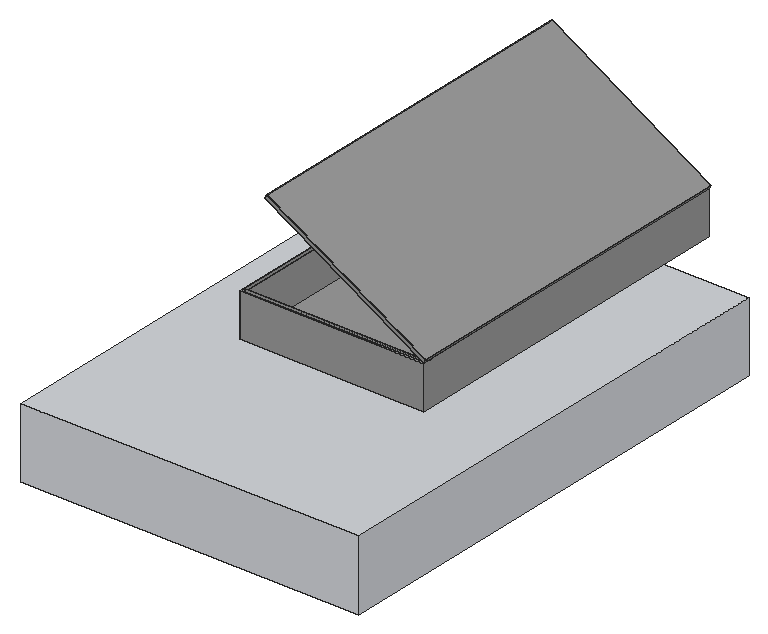
Revit family "Hager-Univers-IP44-D205-H1550-Cl.I-encl-PL-pl", category Equipement électrique, Revit 2020
Family settings
  Hôte = Face
  Configuration du panneau = Deux colonnes, circuits au sein
  Cote de connecteur circulaire = Utiliser le diamètre
  Type d'élément = Tableau de raccordement
  Couper avec des vides une fois chargée = Non
  Partagée = Non
  Point de calcul de pièce = Non
Parameters (values of type "Montaż natynkowy IP44 S800 W1550 G205  - FP03TN2")
  Width Control [instance] = if([EF000008 - Szerokość] > Min Width, [EF000008 - Szerokość], Min Width)  # 800 mm
  Commentaires du type = [HG000003 - Zakres]  # "Univers"
  Thickness Door [instance] = if([EF009171 - Drzwi/pokrywa z materiału o wysokiej wytrzymałości mechanicznej] > 3 mm, 3 mm, [EF009171 - Drzwi/pokrywa z materiału o wysokiej wytrzymałości mechanicznej])  # 1 mm
  Seal Frame Offset [instance] = 17 mm  # constant formula
  Plinth Visibility [instance] = [HG000027 - Wysokość cokołu] > 0 mm  # no
  Model = ""
  Min Width [instance] = 100 mm  # constant formula
  Min Height [instance] = 100 mm  # constant formula
  Min Depth [instance] = (2 * [EF009170 - Obudowa z materiału o wysokiej wytrzymałości mechanicznej]) + 1 mm  # 3 mm
  Internal Frame Depth [instance] = (Door System Depth * 0.5)  # 9 mm
  Height Control [instance] = if([EF000040 - Wysokość] > Min Height, [EF000040 - Wysokość], Min Height)  # 1550 mm
  HG000027 - Wysokość cokołu = 0 mm
  HG000026 - Stojąca = no
  HG000024 - Wysokość części dolnej = 800 mm
  HG000023 - Obudowa dwusekcyjna = no
  HG000016 - Widoczność drzwi w widoku 3D [instance] = yes
  HG000015 - Przestrzeń robocza - otwarcie drzwi [instance] = no
  HG000014 - Drzwi prawe [instance] = yes
  HG000013 - Drzwi lewe [instance] = not([HG000014 - Drzwi prawe])  # no
  HG000012 - Kąt otwarcia drzwi [instance] = 30.00°
  HG000010 - Drzwi asymetryczne = no
  HG000009 - Drzwi dwuskrzydłowe = no
  HG000006 - Montaż podtynkowy = no
  HG000004 - Referencja producenta = "FP03TN2"
  HG000003 - Zakres = "Univers"
  HG000002 - Z drzwiami lub pokrywą = yes
  Frame Offset Bottom [instance] = 10 mm  # constant formula
  Frame Offset [instance] = 15 mm  # constant formula
  EF015940 - Pokrywa z wyzwalaczem nadciśnieniowym = no
  EF011959 - Stopień ochrony (NEMA) = ""
  EF009554 - Liczba otworów pod flansze = 6
  Fabricant = "Hager"  # constant formula
  EF009212 - Wykonanie pokrywy = "EV000116 - Zamknięty"
  EF009171 - Drzwi/pokrywa z materiału o wysokiej wytrzymałości mechanicznej = 1 mm
  EF009170 - Obudowa z materiału o wysokiej wytrzymałości mechanicznej = 1 mm
  EF008873 - Prąd znamionowy (In) = 250 A
  EF007800 - Do ochrony odgromowej = no
  EF006306 - Z zamkiem = no
  EF006244 - Transparentna pokrywa/drzwi = no
  EF005474 - Stopień ochrony (IP) = "EV006418 - IP44"
  EF004464 - Rodzaj drzwi = "EV002646 - Pojedynczy"
  EF004427 - Liczba modułów = 360
  EF004293 - Odporność udarowa = "EV006815 - IK09"
  EF003532 - Do zastosowań zewnętrznych = no
  EF002950 - Szerokość wyrażona liczbą modułów = 36
  EF001613 - Podtrzymanie funkcji = "EV000494 - Brak"
  EF001596 - Materiał obudowy = "EV000179 - Stal"
  EF001131 - Głębokość wewnętrzna = 205 mm
  EF001088 - Możliwość rozbudowy = yes
  EF000437 - Liczba wejść kablowych = 6
  EF000339 - Rodzaj pokrywy = "EV001012 - Pokrywa"
  EF000266 - Liczba rzędów = 10
  EF000218 - Głębokość wbudowania = 205 mm
  EF000118 - Z płytą montażową = no
  EF000116 - Numer RAL = "9010"
  EF000049 - Głębokość = 205 mm
  EF000040 - Wysokość = 1550 mm
  EF000008 - Szerokość = 800 mm
  EF000007 - Kolor = "EV000202 - Biały"
  EF000003 - Sposób montażu = "EV000384 - Montaż natynkowy"
  Door System Leaf Tolerance [instance] = 1.5 mm  # constant formula
  Door System Depth [instance] = 18 mm  # constant formula
  Door Height [instance] = Height Control - [HG000027 - Wysokość cokołu]  # 1550 mm
  Depth Control [instance] = if([EF000049 - Głębokość] > Min Depth, [EF000049 - Głębokość], Min Depth)  # 205 mm
  Default Elevation = 0 mm
  Connector Offset [instance] = Height Control / 2  # 775 mm
  Bottom Top Plate Trim [instance] = 1.5 mm  # constant formula
  Plinth height Ctrl [instance] = if([HG000027 - Wysokość cokołu] > 0 mm, [HG000027 - Wysokość cokołu], 12 mm)  # 12 mm
Types (4, lengths in mm): name | Width Control | HG000010 - Drzwi asymetryczne | HG000009 - Drzwi dwuskrzydłowe | HG000004 - Referencja producenta | EF009554 - Liczba otworów pod flansze | EF008873 - Prąd znamionowy (In) | EF004464 - Rodzaj drzwi | EF004427 - Liczba modułów | EF002950 - Szerokość wyrażona liczbą modułów | EF000437 - Liczba wejść kablowych | EF000008 - Szerokość
  Montaż natynkowy IP44 S1300 W1550 G205  - FP05TN2 | 1300 | yes | yes | "FP05TN2" | 10 | 400 A | "EV003602 - Podwójny" | 600 | 60 | 10 | 1300
  Montaż natynkowy IP44 S300 W1550 G205  - FP01TN2 | 300 | no | no | "FP01TN2" | 2 | 250 A | "EV002646 - Pojedynczy" | 120 | 12 | 2 | 300
  Montaż natynkowy IP44 S550 W1550 G205  - FP02TN2 | 550 | no | no | "FP02TN2" | 4 | 250 A | "EV002646 - Pojedynczy" | 240 | 24 | 4 | 550
  Montaż natynkowy IP44 S800 W1550 G205  - FP03TN2 | 800 | no | no | "FP03TN2" | 6 | 250 A | "EV002646 - Pojedynczy" | 360 | 36 | 6 | 800
Reference planes
  plane 1 "Center (Front/Back)": y = 0
  plane 2: z = 0
  plane 3 "Center (Left/Right)": x = 0
  plane 4: z = 205
  plane 5: y = 1
  plane 6: y = 775
  plane 7: y = 0
  plane 8: y = 1550
  plane 9: z = 0
  plane 10: x = -385
  plane 11: x = 385
  plane 12: x = 384
  plane 13: x = -384
  plane 14: y = 1549
  plane 15: x = -383
  plane 16: x = -400
  plane 17: x = 383
  plane 18: x = 400
  plane 19: x = 399
  plane 20: x = -399
  plane 21: y = 11
  plane 22: y = 1550
  plane 23: y = 1534
  plane 24: z = 187
  plane 25: z = 1
  plane 26: z = 186
  plane 27: z = 204
Forms (mm)
  Extrusion 1, solid
    sketch origin (0, 0, 0) x (1, 0, 0) y (0, 1, 0)
      loop
        line (-702.964, 1305) -> (-702.964, -811.445) -> (766.763, -811.445) -> (766.763, 1305) -> (-702.964, 1305)
    from 0 to -304.8
  Extrusion 2, solid, material "Hager_Steel_RAL7035_Light_Grey", visible <- "Plinth Visibility", detail levels medium+fine
    sketch origin (0, 0, 0) x (1, 0, 0) y (0, 1, 0)
      loop
        line (-400, 0) -> (400, 0) -> (400, 12) -> (-400, 12) -> (-400, 0)
    from 0 to 187
  Extrusion 3, solid, material "Hager_Steel_RAL7035_Light_Grey", detail levels medium+fine
    sketch origin (0, 0, 0) x (1, 0, 0) y (0, 1, 0)
      loop
        line (-400, 0) -> (400, 0) -> (400, 1550) -> (-400, 1550) -> (-400, 0)
    from 0 to 187
  Extrusion 4, void
    sketch origin (0, 0, 0) x (1, 0, 0) y (0, 1, 0)
      loop
        line (-399, 1) -> (399, 1) -> (399, 1549) -> (-399, 1549) -> (-399, 1)
    from 1 to 186
  Extrusion 5, void
    sketch origin (-381.607, -4572, 187) x (0, -1, 0) y (-1, 0, 0)
      loop
        line (-4583, 2.393) -> (-6106, 2.393) -> (-6106, -765.607) -> (-4583, -765.607) -> (-4583, 2.393)
    from 0 to 1 <- "EF009170 - Obudowa z materiału o wysokiej wytrzymałości mechanicznej"
  Extrusion 6, solid, material "Hager_Steel_RAL7035_Light_Grey", detail levels fine
    sketch origin (0, 0, 187) x (1, 0, 0) y (0, 1, 0)
      loop
        line (-384, 1534) -> (-384, 11) -> (384, 11) -> (384, 1534) -> (-384, 1534)
      loop
        line (-385, 10) -> (385, 10) -> (385, 1535) -> (-385, 1535) -> (-385, 10)
    from 0 to 9 <- "Internal Frame Depth"
  Extrusion 7, solid, material "Hager_Steel_RAL7035_Light_Grey", detail levels coarse
    sketch origin (0, 0, 0) x (1, 0, 0) y (0, 1, 0)
      loop
        line (-400, 0) -> (400, 0) -> (400, 1550) -> (-400, 1550) -> (-400, 0)
    from 0 to 205
  Sweep 8, void
    path in 3D
      loop
        line (-400, 12, 0) -> (400, 12, 0) -> (400, 12, 187) -> (-400, 12, 187) -> (-400, 12, 0)
    profile origin (-400, 12, 93.5) x (-1, 0, 0) y (0, -1, 0)
      loop
        line (0, 0) -> (0, 1.5) -> (-1.5, 1.5)
        arc (-1.5, 1.5) -> (-1.061, 0.439) -> (0, 0) r 1.5
Cuts and joins
  Extrusion 4, Extrusion 5 cuts Extrusion 3
  Sweep 8 cuts Extrusion 2
Lines and regions (mm)
  Masking region 1
    outline origin (0, 0, 0) x (1, 0, 0) y (0, 0, 1)
      loop
        line (-400, 205) -> (-400, 0) -> (400, 0) -> (400, 205) -> (-400, 205)
  Masking region 2, detail levels medium+fine
    outline origin (0, 140, 0) x (0, 1, 0) y (0, 0, 1)
      loop
        line (-140, 0) -> (1410, 0) -> (1410, 187) -> (-140, 187) -> (-140, 0)
  Masking region 3, not visible, detail levels medium+fine
    outline origin (0, 297.922, 0) x (0, 1, 0) y (0, 0, 1)
      loop
        line (488.578, 0) -> (528.578, 0) -> (528.578, 194)
        arc (528.578, 194) -> (525.649, 201.071) -> (518.578, 204) r 10
        line (518.578, 204) -> (488.578, 204) -> (488.578, 0)
  Masking region 4, detail levels coarse
    outline origin (0, 0, 180) x (0, 1, 0) y (0, 0, 1)
      loop
        line (0, -180) -> (1550, -180) -> (1550, 25) -> (0, 25) -> (0, -180)
  Masking region 5, visible <- "Plinth Visibility", detail levels medium+fine
    outline origin (0, 52.24, 12.345) x (0, 0, -1) y (0, 1, 0)
      loop
        line (10.845, -40.24) -> (-173.155, -40.24)
        arc (-173.155, -40.24) -> (-173.594, -41.301) -> (-174.655, -41.74) r 1.5
        line (-174.655, -41.74) -> (-174.655, -52.24) -> (12.345, -52.24) -> (12.345, -41.74)
        arc (12.345, -41.74) -> (11.285, -41.301) -> (10.845, -40.24) r 1.5
  Masking region 6, detail levels medium+fine
    outline origin (-381.607, -4572, 187) x (-1, 0, 0) y (0, -1, 0)
      loop
        line (18.393, -6122) -> (18.393, -4572) -> (-781.607, -4572) -> (-781.607, -6122) -> (18.393, -6122)
  Masking region 7, visible <- "Plinth Visibility", detail levels medium+fine
    outline origin (-381.607, -4727, 187) x (-1, 0, 0) y (0, -1, 0)
      loop
        arc (16.893, -4739) -> (17.332, -4737.939) -> (18.393, -4737.5) r 1.5
        line (18.393, -4737.5) -> (18.393, -4727) -> (-781.607, -4727) -> (-781.607, -4737.5)
        arc (-781.607, -4737.5) -> (-780.546, -4737.939) -> (-780.107, -4739) r 1.5
        line (-780.107, -4739) -> (16.893, -4739)
  Masking region 8, detail levels coarse
    outline origin (-442.548, -4669.526, 187) x (-1, 0, 0) y (0, -1, 0)
      loop
        line (-42.548, -6219.526) -> (-42.548, -4669.526) -> (-842.548, -4669.526) -> (-842.548, -6219.526) -> (-42.548, -6219.526)
  sketch lines
    curve 1: line (-400, 12, 187) -> (-400, 12, 0)
    curve 2: line (400, 12, 187) -> (-400, 12, 187)
    curve 3: line (400, 12, 187) -> (400, 12, 0)
    curve 4: line (-400, 12, 0) -> (400, 12, 0)
Dimensions and locks
  "Depth Control": plane 4 to Extrusion 1
  "HG000027 - Wysokość cokołu": plane 1 "Center (Front/Back)" to plane 7
  "EF009170 - Obudowa z materiału o wysokiej wytrzymałości mechanicznej": plane 5 to plane 7
  locked: connector elem to plane 3 "Center (Left/Right)"
  equal spacing: plane 8, plane 6, plane 7
  locked: connector elem to plane 6
  "EF009170 - Obudowa z materiału o wysokiej wytrzymałości mechanicznej": plane 8 to plane 14
  "EF009170 - Obudowa z materiału o wysokiej wytrzymałości mechanicznej": plane 10 to plane 13
  "EF009170 - Obudowa z materiału o wysokiej wytrzymałości mechanicznej": plane 12 to plane 11
  "Frame Offset": plane 20 to plane 13
  "Frame Offset": plane 12 to plane 19
  "EF009170 - Obudowa z materiału o wysokiej wytrzymałości mechanicznej": plane 16 to plane 20
  "EF009170 - Obudowa z materiału o wysokiej wytrzymałości mechanicznej": plane 19 to plane 18
  "Seal Frame Offset": plane 16 to plane 15
  "Seal Frame Offset": plane 17 to plane 18
  "Frame Offset Bottom": plane 21 to plane 5
  "Frame Offset": plane 14 to plane 23
  equal spacing: plane 16, plane 3 "Center (Left/Right)", plane 18
  "Width Control": plane 16 to plane 18
  "EF009170 - Obudowa z materiału o wysokiej wytrzymałości mechanicznej": plane 4 to plane 27
  "EF009170 - Obudowa z materiału o wysokiej wytrzymałości mechanicznej": plane 24 to plane 26
  "EF009170 - Obudowa z materiału o wysokiej wytrzymałości mechanicznej": plane 25 to level
  "Door System Depth": plane 4 to plane 24
  "Height Control": plane 1 "Center (Front/Back)" to Extrusion 7 sketch curve
  "Height Control": Masking region 4 sketch curve to plane 1 "Center (Front/Back)"
  "Height Control": plane 1 "Center (Front/Back)" to plane 22
  "Bottom Top Plate Trim": profile plane to Sweep 8 sketch curve
  "Bottom Top Plate Trim": Sweep 8 sketch curve to profile plane
  "Plinth height Ctrl": plane 1 "Center (Front/Back)" to Extrusion 2 sketch curve
  "Plinth height Ctrl": Masking region 5 sketch curve to plane 1 "Center (Front/Back)"
  "Plinth height Ctrl": plane 1 "Center (Front/Back)" to Masking region 7 sketch curve
  "Thickness Door": Extrusion 6 sketch curve to Extrusion 6 sketch curve  (x3)
  "Thickness Door": cut or joined group of Extrusion 3, Extrusion 4, Extrusion 5 to Extrusion 6 sketch curve
  radius of Masking region 3 sketch curve = 10 mm
  "Bottom Top Plate Trim": radius of Masking region 5 sketch curve  (x2)
  "Bottom Top Plate Trim": radius of Sweep 8 sketch curve
  "Bottom Top Plate Trim": radius of Masking region 7 sketch curve  (x2)
  aligned and locked: plane 2 to Extrusion 1
  aligned and locked: level to Extrusion 1
  aligned and locked: level to Masking region 1 sketch curve
  aligned and locked: Masking region 1 sketch curve to plane 18
  aligned and locked: Masking region 1 sketch curve to plane 16
  aligned and locked: plane 7 to Masking region 2 sketch curve
  aligned and locked: level to Masking region 3 sketch curve
  aligned and locked: Masking region 3 sketch curve to plane 27
  aligned and locked: level to Masking region 2 sketch curve
  aligned and locked: plane 1 "Center (Front/Back)" to Extrusion 2 sketch curve
  aligned and locked: Extrusion 3 sketch curve to plane 7
  aligned and locked: plane 16 to Extrusion 3 sketch curve
  aligned and locked: plane 18 to Extrusion 3 sketch curve
  aligned and locked: plane 20 to Extrusion 4 sketch curve
  aligned and locked: plane 19 to Extrusion 4 sketch curve
  aligned and locked: Extrusion 4 sketch curve to plane 5
  aligned and locked: Extrusion 4 to plane 25
  aligned and locked: plane 26 to Extrusion 4
  aligned and locked: plane 24 to Extrusion 3
  aligned and locked: Extrusion 5 sketch curve to plane 21
  aligned and locked: Extrusion 5 sketch curve to plane 13
  aligned and locked: Extrusion 5 sketch curve to plane 12
  aligned and locked: plane 18 to Extrusion 7 sketch curve
  aligned and locked: plane 1 "Center (Front/Back)" to Extrusion 7 sketch curve
  aligned and locked: plane 16 to Extrusion 7 sketch curve
  aligned and locked: plane 4 to Extrusion 7
  aligned and locked: Extrusion 7 to level
  aligned and locked: level to Masking region 4 sketch curve
  aligned and locked: Masking region 4 sketch curve to plane 1 "Center (Front/Back)"
  aligned and locked: Masking region 4 sketch curve to plane 4
  aligned and locked: nested 1 to level
  aligned and locked: nested 1 to plane 16
  aligned and locked: plane 8 to Extrusion 3 sketch curve
  aligned and locked: plane 23 to Extrusion 5 sketch curve
  aligned and locked: plane 14 to Extrusion 4 sketch curve
  aligned and locked: Masking region 2 sketch curve to plane 8
  aligned and locked: level to Masking region 5 sketch curve
  aligned and locked: plane 16 to Extrusion 2 sketch curve
  aligned and locked: plane 18 to Extrusion 2 sketch curve
  aligned and locked: Masking region 5 sketch curve to plane 24
  aligned and locked: Masking region 2 sketch curve to plane 24
  aligned and locked: plane 24 to Extrusion 2
  aligned and locked: profile plane to Sweep 8 sketch curve  (x2)
  aligned and locked: Masking region 6 sketch curve to plane 18
  aligned and locked: Masking region 6 sketch curve to plane 22
  aligned and locked: Masking region 6 sketch curve to plane 16
  aligned and locked: plane 8 to plane 22
  aligned and locked: Masking region 6 sketch curve to plane 7
  aligned and locked: Masking region 7 sketch curve to plane 16
  aligned and locked: Masking region 7 sketch curve to plane 1 "Center (Front/Back)"
  aligned and locked: Masking region 7 sketch curve to plane 18
  aligned and locked: Masking region 8 sketch curve to plane 1 "Center (Front/Back)"
  aligned and locked: Masking region 8 sketch curve to plane 18
  aligned and locked: Masking region 8 sketch curve to plane 22
  aligned and locked: Masking region 8 sketch curve to plane 16
  aligned and locked: nested 2 to plane 7
  aligned and locked: plane 3 "Center (Left/Right)" to nested 2
  aligned and locked: nested 2 to plane 24
  aligned and locked: Extrusion 6 sketch curve to cut or joined group of Extrusion 3, Extrusion 4, Extrusion 5  (x4)
Automatic sketch dimensions
  Extrusion 1 sketch curve to Extrusion 1 sketch curve = 1469.727 mm
  Extrusion 1 sketch curve to Extrusion 1 sketch curve = 2116.445 mm
  Masking region 1 sketch curve to plane 4 = 0 mm
  plane 6 to Masking region 3 sketch curve = 11.5 mm
  Masking region 3 sketch curve to Masking region 3 sketch curve = 30 mm
  Masking region 5 sketch curve to plane 1 "Center (Front/Back)" = 0 mm
Nested families
  nested 1: "Hager_Enclosure_Symbol" at (-400, 0, 0) x (1, 0, 0) z (0, -1, 0), Height <- "Depth Control", Width <- "Width Control", type "Hager_Enclosure_Symbol"
    with Width_Ctrl 800 mm, Width 800 mm, Height_Ctrl 205 mm, Height 205 mm, A_Width_Int 13.453 mm, A_Width 161.438 mm, A_Height_Ctrl 179.375 mm, A_Height 179.375 mm
  nested 2: "EC000058_Univers_Door" at (0, 0, 187) x (1, 0, 0) z (0, 1, 0), Leaf_Tolerance <- "Door System Leaf Tolerance", Angle <- "HG000012 - Kąt otwarcia drzwi", Door_Depth <- "Door System Depth", Door_Left <- "HG000013 - Drzwi lewe", Transparent <- "EF006244 - Transparentna pokrywa/drzwi", Assymetrical <- "HG000010 - Drzwi asymetryczne", Width <- "Width Control", Clearance <- "HG000015 - Przestrzeń robocza - otwarcie drzwi", Double <- "HG000009 - Drzwi dwuskrzydłowe", 3d_Door <- "HG000016 - Widoczność drzwi w widoku 3D", Lock_Visibility <- "EF006306 - Z zamkiem", Width_Ctrl <- "Width Control", Door_Right <- "HG000014 - Drzwi prawe", Door <- "HG000002 - Z drzwiami lub pokrywą", Height <- "Door Height", Thickness <- "Thickness Door", type "EC000058_Univers_Door", detail levels medium+fine
    with min_wh 3 mm, Width_Ctrl 800 mm, Width 800 mm, Transparent no, Thickness 1 mm, Seal_Material Hager_Rubber, Lock_Visibility no, Lock_Material Hager_Plastic_RAL9005_Jet_Black, Leaf_Width 800 mm, Leaf_Tolerance_External_Sides 0 mm, Leaf_Tolerance 1.5 mm, Leaf_Offset 0 mm, Leaf_Height 1547 mm, Leaf_2_Width 800 mm, Leaf_2_Offset 400 mm, Leaf_1_Width 800 mm, Leaf_1_Offset 400 mm, Height_Ctrl 1550 mm, Height 1550 mm, Glass_Material Hager_Glass, Double_Clearance_Ctrl no, Double no, Door_Right_Ctrl yes, Door_Right yes, Door_Material Hager_Steel_RAL7035_Light_Grey, Door_Left_Ctrl no, Door_Left no, Door_Depth 18 mm, Door yes, Clearance_Material Hager_Clearance, Clearance_Depth 800 mm, Clearance_Ctrl no, Clearance no, Assymetrical no, Angle 30.00°, 3d_Door yes
Connectors
  electrical at (0, 775, 0)
    settings: on plane 9, index 1, voltage 0 V, apparent load 0 VA, apparent load phase1 0 VA, apparent load phase2 0 VA, apparent load phase3 0 VA, power factor 1, load classification "Other", number of poles 1, system type 30, power factor state 1, is connector primary yes, connector utility no, sub classification motor no, connector description ""
Definition of nested family "EC000058_Univers_Door"
  Parameters (values of type "EC000058_Univers_Door")
    min_wh [instance] = (2 * Thickness) + 1 mm  # 11 mm
    Width_Ctrl [instance] = 400 mm
    Width [instance] = 500 mm
    Transparent [instance] = yes
    Thickness [instance] = 5 mm
    Seal_Material [instance] = none
    Lock_Visibility [instance] = yes
    Lock_Material [instance] = none
    Leaf_Width [instance] = if((Width_Ctrl - 2 * Leaf_Tolerance_External_Sides) > 0 mm, (Width_Ctrl - 2 * Leaf_Tolerance_External_Sides), min_wh)  # 400 mm
    Leaf_Tolerance_External_Sides [instance] = 0 mm  # constant formula
    Leaf_Tolerance [instance] = 1.5 mm
    Leaf_Offset [instance] = 0 mm  # constant formula
    Leaf_Height [instance] = if((Height_Ctrl - 2 * Leaf_Tolerance) > 0 mm, (Height_Ctrl - 2 * Leaf_Tolerance), min_wh)  # 497 mm
    Leaf_2_Width [instance] = if(and(and(Double, Assymetrical), Door_Left), (Leaf_Width / 3) - (Leaf_Tolerance / 2), if(and(and(Double, Assymetrical), Door_Right), (Leaf_Width / 3) * 2 - (Leaf_Tolerance / 2), if(and(Double, not(Assymetrical)), (Leaf_Width / 2) - Leaf_Tolerance, Leaf_Width)))  # 400 mm
    Leaf_2_Offset [instance] = if(and(Double, Assymetrical), Leaf_2_Width / 2, if(and(Double, not(Assymetrical)), Leaf_Width / 4, Leaf_Width / 2))  # 200 mm
    Leaf_1_Width [instance] = if(and(and(Double, Assymetrical), Door_Right), (Leaf_Width / 3) - (Leaf_Tolerance / 2), if(and(and(Double, Assymetrical), Door_Left), (Width / 3) * 2 - (Leaf_Tolerance / 2), if(and(Double, not(Assymetrical)), (Leaf_Width / 2) - Leaf_Tolerance, Leaf_Width)))  # 400 mm
    Leaf_1_Offset [instance] = if(and(Double, Assymetrical), Leaf_1_Width / 2, if(and(Double, not(Assymetrical)), Leaf_Width / 4, Leaf_Width / 2))  # 200 mm
    Height_Ctrl [instance] = if(Height > min_wh, Height, min_wh)  # 500 mm
    Height [instance] = 500 mm
    Glass_Material [instance] = none
    Double_Clearance_Ctrl [instance] = and(Double, Clearance)  # no
    Double [instance] = no
    Door_Right_Ctrl [instance] = and(or(Door_Right, Double), Door)  # yes
    Door_Right [instance] = yes
    Door_Material [instance] = none
    Door_Left_Ctrl [instance] = and(or(Door_Left, Double), Door)  # no
    Door_Left [instance] = no
    Door_Depth [instance] = 30 mm
    Door [instance] = yes
    Default Elevation = 1219.2 mm
    Clearance_Material [instance] = none
    Clearance_Depth [instance] = if(Leaf_1_Width > Leaf_2_Width, Leaf_1_Width, Leaf_2_Width)  # 400 mm
    Clearance_Ctrl [instance] = and(not(Double), Clearance)  # yes
    Clearance [instance] = yes
    Assymetrical [instance] = yes
    Angle [instance] = 30.00°
    3d_Door [instance] = yes
  Reference planes
    plane 1 "Center (Front/Back)": y = 0
    plane 2 "Bottom": z = 0
    plane 3 "Center (Left/Right)": x = 0
    plane 4: z = 500
    plane 5: x = -200
    plane 6: x = 200
    plane 7: z = 500
    plane 8: x = -200
    plane 9: z = 0
    plane 10: x = 200
    plane 11: y = 0
    plane 12: z = 1.5
    plane 13: x = -600
    plane 14: y = -400
    plane 15: x = 600
    plane 16: x = 0
    plane 17: x = 0
    plane 18: x = -200
    plane 19: x = 200
    plane 20: z = 498.5
  Forms (mm)
    Extrusion 1, solid, material <- "Clearance_Material", visible <- "Double_Clearance_Ctrl"
      sketch origin (1200, 0, 0) x (1, 0, 0) y (0, 0, -1)
        loop
          line (-1800, -498.5) -> (-600, -498.5) -> (-600, 0) -> (-1800, 0) -> (-1800, -498.5)
      from 0 to -400
  Dimensions and locks
    equal spacing: plane 5, plane 3 "Center (Left/Right)", plane 6
    "Width_Ctrl": plane 5 to plane 6
    "Leaf_Offset": plane 5 to plane 8
    "Leaf_Offset": plane 6 to plane 10
    "Leaf_Offset": plane 9 to level
    "Leaf_Offset": plane 4 to plane 7
    "Height_Ctrl": plane 4 to level
    "Leaf_Tolerance": plane 12 to plane 9
    locked: plane 11 to plane 1 "Center (Front/Back)"
    "Leaf_1_Offset": plane 18 to plane 16
    "Leaf_2_Offset": plane 17 to plane 19
    "Leaf_1_Width": plane 13 to plane 8
    "Leaf_2_Width": plane 10 to plane 15
    "Clearance_Depth": plane 14 to plane 1 "Center (Front/Back)"
    "Leaf_Tolerance_External_Sides": plane 8 to plane 18
    "Leaf_Tolerance_External_Sides": plane 19 to plane 10
    "Leaf_Tolerance": plane 7 to plane 20
    aligned and locked: level to plane 2 "Bottom"
    aligned and locked: nested 1 to plane 16
    aligned and locked: nested 2 to plane 17
    aligned and locked: Extrusion 1 to plane 13
    aligned and locked: plane 15 to Extrusion 1
    aligned and locked: Extrusion 1 to plane 14
    aligned and locked: plane 12 to nested 1
    aligned and locked: nested 2 to plane 12
    aligned and locked: Extrusion 1 to plane 11
    aligned and locked: plane 20 to Extrusion 1
    aligned and locked: nested 2 to plane 11
    aligned and locked: nested 1 to plane 11
  Automatic sketch dimensions
    Extrusion 1 sketch curve to level = 0 mm
    plane 5 to Extrusion 1 sketch curve = 400 mm
    plane 6 to Extrusion 1 sketch curve = 400 mm
    Extrusion 1 sketch curve to plane 4 = 1.5 mm
  Nested families
    nested 1: "EC000058_Univers_Door_Leaf" at (0, 0, 1.5), Width <- "Leaf_1_Width", visible <- "Door_Left_Ctrl", Leaf_Height <- "Leaf_Height", Angle <- "Angle", 3d_Door <- "3d_Door", Transparent <- "Transparent", Clearance Material <- "Clearance_Material", Clearance <- "Clearance_Ctrl", Door_Material <- "Door_Material", Glass_Material <- "Glass_Material", Door_Depth <- "Door_Depth", Lock_Material <- "Lock_Material", Seal_Material <- "Seal_Material", Lock_Visibility <- "Lock_Visibility", Thickness <- "Thickness", type "EC000058_Univers_Door_Leaf"
      with Width 400 mm, Transparent_Glass_Offset 30 mm, Transparent_Ctrl yes, Transparent yes, Thickness 5 mm, Standard no, Seal_Material none, Seal_D2 8 mm, Seal_D1 1 mm, Offset_Internal_Frame 10 mm, Lock_Width 20 mm, Lock_Visibility_3d yes, Lock_Visibility yes, Lock_Thickness_3 3 mm, Lock_Thickness_2 1 mm, Lock_Thickness_1 3 mm, Lock_Radius_Offset_2 16 mm, Lock_Radius_Offset_1 15 mm, Lock_Radius_2 5 mm, Lock_Radius 6 mm, Lock_Offset 5 mm, Lock_Material none, Lock_Height 80 mm, Lock_Cover_Top_Offset_2d 17 mm, Lock_Cover_Height -65 mm, Leaf_Height 497 mm, Internal_Seal_Thickness 8 mm, Internal_Seal_Depth_2 4.5 mm, Internal_Frame_Depth 25 mm, Glass_Thickness -1 mm, Glass_Offset -2 mm, Glass_Material none, Door_Material none, Door_Depth 30 mm, Clearance Material none, Clearance yes, Angle_Ctrl 30.00°, Angle 30.00°, 3d_Door yes
    nested 2: "EC000058_Univers_Door_Leaf" at (0, 0, 1.5) x (-1, 0, 0) z (0, 0, 1), Width <- "Leaf_2_Width", visible <- "Door_Right_Ctrl", Leaf_Height <- "Leaf_Height", Angle <- "Angle", 3d_Door <- "3d_Door", Transparent <- "Transparent", Clearance Material <- "Clearance_Material", Clearance <- "Clearance_Ctrl", Door_Material <- "Door_Material", Glass_Material <- "Glass_Material", Door_Depth <- "Door_Depth", Lock_Material <- "Lock_Material", Seal_Material <- "Seal_Material", Lock_Visibility <- "Lock_Visibility", Thickness <- "Thickness", type "EC000058_Univers_Door_Leaf"
      with Width 400 mm, Transparent_Glass_Offset 30 mm, Transparent_Ctrl yes, Transparent yes, Thickness 5 mm, Standard no, Seal_Material none, Seal_D2 8 mm, Seal_D1 1 mm, Offset_Internal_Frame 10 mm, Lock_Width 20 mm, Lock_Visibility_3d yes, Lock_Visibility yes, Lock_Thickness_3 3 mm, Lock_Thickness_2 1 mm, Lock_Thickness_1 3 mm, Lock_Radius_Offset_2 16 mm, Lock_Radius_Offset_1 15 mm, Lock_Radius_2 5 mm, Lock_Radius 6 mm, Lock_Offset 5 mm, Lock_Material none, Lock_Height 80 mm, Lock_Cover_Top_Offset_2d 17 mm, Lock_Cover_Height -65 mm, Leaf_Height 497 mm, Internal_Seal_Thickness 8 mm, Internal_Seal_Depth_2 4.5 mm, Internal_Frame_Depth 25 mm, Glass_Thickness -1 mm, Glass_Offset -2 mm, Glass_Material none, Door_Material none, Door_Depth 30 mm, Clearance Material none, Clearance yes, Angle_Ctrl 30.00°, Angle 30.00°, 3d_Door yes
  Definition of nested family "EC000058_Univers_Door_Leaf"
    Parameters (values of type "EC000058_Univers_Door_Leaf")
      Width [instance] = 2000 mm
      Transparent_Glass_Offset [instance] = 30 mm
      Transparent_Ctrl [instance] = and(Transparent, [3d_Door])  # yes
      Transparent [instance] = yes
      Thickness [instance] = 5 mm
      Standard [instance] = and(not(Transparent), [3d_Door])  # no
      Seal_Material [instance] = none
      Seal_D2 [instance] = 8 mm  # constant formula
      Seal_D1 [instance] = 1 mm  # constant formula
      Offset_Internal_Frame [instance] = 10 mm  # constant formula
      Lock_Width [instance] = 20 mm  # constant formula
      Lock_Visibility_3d [instance] = and(Lock_Visibility, [3d_Door])  # yes
      Lock_Visibility [instance] = yes
      Lock_Thickness_3 [instance] = 3 mm  # constant formula
      Lock_Thickness_2 [instance] = 1 mm  # constant formula
      Lock_Thickness_1 [instance] = 3 mm  # constant formula
      Lock_Radius_Offset_2 [instance] = Lock_Radius_Offset_1 + 1 mm  # 16 mm
      Lock_Radius_Offset_1 [instance] = 15 mm  # constant formula
      Lock_Radius_2 [instance] = Lock_Radius - 1 mm  # 5 mm
      Lock_Radius [instance] = 6 mm  # constant formula
      Lock_Offset [instance] = 5 mm  # constant formula
      Lock_Material [instance] = none
      Lock_Height [instance] = 80 mm  # constant formula
      Lock_Cover_Top_Offset_2d [instance] = Lock_Radius_Offset_2 + 1 mm  # 17 mm
      Lock_Cover_Height [instance] = -(Lock_Height - Lock_Radius_Offset_1)  # -65 mm
      Leaf_Height [instance] = 2720.336 mm
      Internal_Seal_Thickness [instance] = 8 mm  # constant formula
      Internal_Seal_Depth_2 [instance] = 4.5 mm  # constant formula
      Internal_Frame_Depth [instance] = if(Door_Depth - Thickness > 5 mm, Door_Depth - Thickness, 5 mm)  # 25 mm
      Glass_Thickness [instance] = if(Thickness > 15 mm, Glass_Offset + 10 mm, -1 mm)  # -1 mm
      Glass_Offset [instance] = if(Thickness > 15 mm, -(Thickness + 10 mm) / 2, -2 mm)  # -2 mm
      Glass_Material [instance] = none
      Door_Material [instance] = none
      Door_Depth [instance] = 30 mm
      Default Elevation = 0 mm
      Clearance Material [instance] = none
      Clearance [instance] = yes
      Angle_Ctrl [instance] = if(Angle > 180.00°, 180.00°, Angle)  # 90.00°
      Angle [instance] = 90.00°
      3d_Door [instance] = yes
    Reference planes
      plane 1 "Center (Front/Back)": y = 0
      plane 2: z = 0
      plane 3 "Center (Left/Right)": x = 0
      plane 4: y = 2000
      plane 5: x = -1000
      plane 6: x = 1000
      plane 7: x = -3000
      plane 8: z = 2720.336
      plane 9: z = 30
      plane 10: z = 2690.336
      plane 11: x = 970
      plane 12: x = -970
      plane 13: y = -3
      plane 14: z = 107.833
      plane 15: y = -5
      plane 16: y = -223.314
      plane 17: x = -1000
      plane 18: z = 1360.168
      plane 19: y = 30
    Forms (mm)
      Extrusion 1, solid, material <- "Clearance Material", visible <- "Clearance"
        sketch origin (0, 0, 0) x (1, 0, 0) y (0, 0, 1)
          loop
            line (-3000, 2720.336) -> (-3000, 0) -> (1000, 0) -> (1000, 2720.336) -> (-3000, 2720.336)
        from 0 to -2000
      Extrusion 2, solid, material <- "Door_Material", visible <- "Standard", detail levels medium+fine
        sketch origin (-1000, 0, 0) x (0, 1, 0) y (-1, 0, 0)
          loop
            line (0, 30) -> (0, 25) -> (2000, 25) -> (2000, 30) -> (0, 30)
        from 0 to 2720.336 <- "Leaf_Height"
      Extrusion 3, solid, material <- "Door_Material", visible <- "Transparent_Ctrl", detail levels medium+fine
        sketch origin (-1000, 0, 0) x (0, 1, 0) y (-1, 0, 0)
          loop
            line (0, 25) -> (2000, 25) -> (2000, 30) -> (0, 30) -> (0, 25)
        from 0 to 2720.336 <- "Leaf_Height"
      Extrusion 4, void
        sketch origin (-1025, 2000, 0) x (0, 1, 0) y (0, 0, -1)
          loop
            line (-30, -2690.336) -> (-30, -30) -> (-1970, -30) -> (-1970, -2690.336) -> (-30, -2690.336)
        from 0 to 5 <- "Thickness"
      Sweep 5, solid, material <- "Seal_Material", visible <- "Transparent_Ctrl", detail levels fine
        path in 3D
          loop
            line (-1025, 30, 30) -> (-1025, 30, 2690.336) -> (-1025, 1970, 2690.336) -> (-1025, 1970, 30) -> (-1025, 30, 30)
        profile origin (-1025, 1000, 30) x (1, 0, 0) y (0, 0, 1)
          loop
            line (0, 0) -> (0, -8) -> (1, -8) -> (1, 0) -> (0, 0)
      Extrusion 6, solid, material <- "Glass_Material", visible <- "Transparent_Ctrl", detail levels medium+fine
        sketch origin (-1030, 0, 0) x (0, 1, 0) y (0, 0, -1)
          loop
            line (1970, -2690.336) -> (1970, -30) -> (30, -30) -> (30, -2690.336) -> (1970, -2690.336)
        from -2 <- "Glass_Offset" to -1 <- "Glass_Thickness"
      Extrusion 7, solid, material <- "Door_Material", visible <- "3d_Door", detail levels medium+fine
        sketch origin (-1025, 2000, 0) x (0, -1, 0) y (0, 0, -1)
          loop
            line (0, -2720.336) -> (2000, -2720.336) -> (2000, 0) -> (0, 0) -> (0, -2720.336)
          loop
            line (1995, -5) -> (5, -5) -> (5, -2715.336) -> (1995, -2715.336) -> (1995, -5)
        from 0 to 25 <- "Internal_Frame_Depth"
      Sweep 8, solid, material <- "Seal_Material", visible <- "Transparent_Ctrl", detail levels fine
        path in 3D
          loop
            line (-1025, 0, 0) -> (-1025, 2000, 0) -> (-1025, 2000, 2720.336) -> (-1025, 0, 2720.336) -> (-1025, 0, 0)
        profile origin (-1025, 0, 1360.168) x (1, 0, 0) y (0, 1, 0)
          loop
            line (0, 10) -> (2.975, 10)
            arc (2.975, 10) -> (4.053, 10.447) -> (4.5, 11.525) r 1.525
            line (4.5, 11.525) -> (4.5, 16.527)
            arc (4.5, 16.527) -> (4.069, 17.569) -> (3.027, 18) r 1.473
            line (3.027, 18) -> (0, 18) -> (0, 10)
      Extrusion 9, solid, material <- "Lock_Material", visible <- "Lock_Visibility_3d", detail levels fine
        sketch origin (-1030, 0, 0) x (0, 1, 0) y (0, 0, -1)
          loop
            arc (1993.5, -1400.168) -> (1994.561, -1399.729) -> (1995, -1398.668) r 1.5
            line (1995, -1398.668) -> (1995, -1320.168) -> (1975, -1320.168) -> (1975, -1398.668)
            arc (1975, -1398.668) -> (1975.439, -1399.729) -> (1976.5, -1400.168) r 1.5
            line (1976.5, -1400.168) -> (1993.5, -1400.168)
        from 3 <- "Lock_Thickness_1" to 0
      Blend 10, solid, material <- "Lock_Material", visible <- "Lock_Visibility_3d", detail levels fine
        base sketch origin (-1033, 0, 0) x (0, 1, 0) y (0, 0, -1)
          loop
            line (1975, -1320.168) -> (1975, -1398.668)
            arc (1975, -1398.668) -> (1975.439, -1399.729) -> (1976.5, -1400.168) r 1.5
            line (1976.5, -1400.168) -> (1993.5, -1400.168)
            arc (1993.5, -1400.168) -> (1994.561, -1399.729) -> (1995, -1398.668) r 1.5
            line (1995, -1398.668) -> (1995, -1320.168) -> (1975, -1320.168)
        top sketch origin (-1033, 0, 0) x (0, 1, 0) y (0, 0, -1)
          loop
            line (1976, -1320.168) -> (1976, -1398.668)
            arc (1976, -1398.668) -> (1976.146, -1399.022) -> (1976.5, -1399.168) r 0.5
            line (1976.5, -1399.168) -> (1993.5, -1399.168)
            arc (1993.5, -1399.168) -> (1993.854, -1399.022) -> (1994, -1398.668) r 0.5
            line (1994, -1398.668) -> (1994, -1320.168) -> (1976, -1320.168)
        from 0 to 1 <- "Lock_Thickness_2"
      Blend 11, solid, material <- "Lock_Material", visible <- "Lock_Visibility_3d", detail levels fine
        base sketch origin (-1034, 0, 0) x (0, 1, 0) y (0, 0, -1)
          loop
            line (1978, -1320.168) -> (1978, -1384.168)
            arc (1978, -1384.168) -> (1985, -1391.168) -> (1992, -1384.168) r 7
            line (1992, -1384.168) -> (1992, -1320.168) -> (1978, -1320.168)
        top sketch origin (-1034, 0, 0) x (0, 1, 0) y (0, 0, -1)
          loop
            line (1991, -1320.168) -> (1979, -1320.168) -> (1979, -1383.168)
            arc (1979, -1383.168) -> (1985, -1389.168) -> (1991, -1383.168) r 6
            line (1991, -1383.168) -> (1991, -1320.168)
        from 0 to 3 <- "Lock_Thickness_3"
      Extrusion 12, solid, material <- "Lock_Material", visible <- "Lock_Visibility_3d", detail levels fine
        sketch origin (-1030, 1975, 1320.168) x (1, 0, 0) y (0, -1, 0)
          loop
            line (-7, -19) -> (-7, -1) -> (0, -1) -> (0, 0) -> (-8, 0) -> (-8, -20) -> (0, -20) -> (0, -19) -> (-7, -19)
        from 0 to -65 <- "Lock_Cover_Height"
      Extrusion 13, void
        sketch origin (-1038, 1995, 1320.168) x (-1, 0, 0) y (0, 0, -1)
          loop
            line (-5, -65) -> (0, -65) -> (-5, -60) -> (-5, -65)
        from 0 to 20 <- "Lock_Width"
      Extrusion 14, void
        sketch origin (-1038, 1975, 1320.168) x (0, -1, 0) y (0, 0, -1)
          loop
            circle (-10, -15.995) r 6
          loop
            circle (-10, -15.995) r 5
        from 0 to 2
      Extrusion 15, solid, material <- "Lock_Material", visible <- "Lock_Visibility_3d", detail levels medium
        sketch origin (-1030, 0, 0) x (0, 1, 0) y (0, 0, -1)
          loop
            arc (1993.5, -1400.168) -> (1994.561, -1399.729) -> (1995, -1398.668) r 1.5
            line (1995, -1398.668) -> (1995, -1320.168) -> (1975, -1320.168) -> (1975, -1398.668)
            arc (1975, -1398.668) -> (1975.439, -1399.729) -> (1976.5, -1400.168) r 1.5
            line (1976.5, -1400.168) -> (1993.5, -1400.168)
        from 8 to 0
    Cuts and joins
      Extrusion 4 cuts Extrusion 3
      Extrusion 13, Extrusion 14 cuts Extrusion 9
      Extrusion 14 cuts Blend 11
      Extrusion 13, Extrusion 14 cuts Extrusion 12
      joined: Extrusion 9, Blend 10, Blend 11, Extrusion 12
      Extrusion 14 cuts Extrusion 15
    Lines and regions (mm)
      Masking region 1, visible <- "Lock_Visibility", detail levels fine
        outline origin (0, 0, 0) x (0, 1, 0) y (0, 0, 1)
          loop
            line (30, 1320.168) -> (33, 1320.168) -> (33, 1400.168) -> (30, 1400.168) -> (30, 1320.168)
      Masking region 2, visible <- "Lock_Visibility", detail levels fine
        outline origin (0, 3.143, 0) x (0, 1, 0) y (0, 0, 1)
          loop
            line (29.857, 1354.168) -> (30.857, 1354.168) -> (30.857, 1366.168) -> (29.857, 1366.168) -> (29.857, 1354.168)
      Masking region 3, detail levels medium+fine
        outline origin (0, 0, 0) x (0, 1, 0) y (0, 0, 1)
          loop
            line (0, 0) -> (30, 0) -> (30, 2720.336) -> (0, 2720.336) -> (0, 0)
      Masking region 4, detail levels medium+fine
        outline origin (0, 0, 0) x (1, 0, 0) y (0, 0, 1)
          loop
            line (-1000, 2720.336) -> (-1000, 0) -> (1000, 0) -> (1000, 2720.336) -> (-1000, 2720.336)
      Masking region 5, visible <- "Lock_Visibility", detail levels fine
        outline origin (-47.116, 0, 0) x (1, 0, 0) y (0, 0, 1)
          loop
            arc (1024.616, 1399.168) -> (1023.556, 1398.729) -> (1023.116, 1397.668) r 1.5
            line (1023.116, 1397.668) -> (1023.116, 1320.168) -> (1041.116, 1320.168) -> (1041.116, 1397.668)
            arc (1041.116, 1397.668) -> (1040.677, 1398.729) -> (1039.616, 1399.168) r 1.5
            line (1039.616, 1399.168) -> (1024.616, 1399.168)
      Masking region 6, visible <- "Lock_Visibility", detail levels medium+fine
        outline origin (-25, 0, 0) x (1, 0, 0) y (0, 0, 1)
          loop
            arc (1001.5, 1400.168) -> (1000.439, 1399.729) -> (1000, 1398.668) r 1.5
            line (1000, 1398.668) -> (1000, 1320.168) -> (1020, 1320.168) -> (1020, 1398.668)
            arc (1020, 1398.668) -> (1019.561, 1399.729) -> (1018.5, 1400.168) r 1.5
            line (1018.5, 1400.168) -> (1001.5, 1400.168)
      Masking region 7, visible <- "Lock_Visibility", detail levels fine
        outline origin (-73.735, 0, 0) x (1, 0, 0) y (0, 0, 1)
          loop
            line (1051.735, 1382.168) -> (1065.735, 1382.168) -> (1065.735, 1384.168)
            arc (1065.735, 1384.168) -> (1058.735, 1391.168) -> (1051.735, 1384.168) r 7
            line (1051.735, 1384.168) -> (1051.735, 1382.168)
      Masking region 8, visible <- "Lock_Visibility", detail levels fine
        outline origin (-73.735, 0, 0) x (1, 0, 0) y (0, 0, 1)
          loop
            line (1052.735, 1382.168) -> (1064.735, 1382.168) -> (1064.735, 1383.168)
            arc (1064.735, 1383.168) -> (1058.735, 1389.168) -> (1052.735, 1383.168) r 6
            line (1052.735, 1383.168) -> (1052.735, 1382.168)
      Masking region 9, visible <- "Lock_Visibility", detail levels fine
        outline origin (-25, 0, 0) x (1, 0, 0) y (0, 0, 1)
          loop
            line (1020, 1320.168) -> (1020, 1382.168) -> (1000, 1382.168) -> (1000, 1320.168) -> (1020, 1320.168)
      Masking region 10, detail levels medium+fine
        outline origin (0, 0, 0) x (1, 0, 0) y (0, 0, 1)
          loop
            circle (985, 1335.144) r 6
      Masking region 11, detail levels fine
        outline origin (0, 0, 0) x (1, 0, 0) y (0, 0, 1)
          loop
            circle (985, 1335.144) r 5
      Masking region 12, visible <- "Lock_Visibility", detail levels fine
        outline origin (0, 12.767, 0) x (0, 1, 0) y (0, 0, 1)
          loop
            line (20.233, 1320.168) -> (21.233, 1320.168) -> (21.233, 1399.168) -> (20.233, 1400.168) -> (20.233, 1320.168)
      Masking region 13, visible <- "Lock_Visibility", detail levels fine
        outline origin (0, 13.767, -10) x (0, 1, 0) y (0, 0, 1)
          loop
            line (20.233, 1330.168) -> (23.233, 1330.168) -> (23.233, 1399.168) -> (20.233, 1402.168) -> (20.233, 1330.168)
      Masking region 14, visible <- "Lock_Visibility", detail levels fine
        outline origin (0, 12.767, -10) x (0, 1, 0) y (0, 0, 1)
          loop
            line (20.233, 1330.168) -> (25.233, 1330.168) -> (25.233, 1399.305) -> (20.233, 1394.305) -> (20.233, 1330.168)
      Masking region 15, visible <- "Lock_Visibility", detail levels medium
        outline origin (0, 0, 0) x (0, 1, 0) y (0, 0, 1)
          loop
            line (30, 1320.168) -> (38, 1320.168) -> (38, 1400.168) -> (30, 1400.168) -> (30, 1320.168)
      Masking region 16, visible <- "Lock_Visibility", detail levels fine
        outline origin (-1000, 0, 0) x (0, 1, 0) y (-1, 0, 0)
          loop
            line (1975, 30) -> (1995, 30) -> (1995, 38) -> (1975, 38) -> (1975, 30)
          loop
            line (1979, 37) -> (1976, 37) -> (1976, 34) -> (1978, 34) -> (1979, 37)
          loop
            line (1994, 37) -> (1991, 37) -> (1992, 34) -> (1994, 34) -> (1994, 37)
      Masking region 17, visible <- "Lock_Visibility", detail levels medium
        outline origin (-1000, 0, 0) x (0, 1, 0) y (-1, 0, 0)
          loop
            line (1975, 30) -> (1995, 30) -> (1995, 38) -> (1975, 38) -> (1975, 30)
      symbolic lines
        curve 1: line (1000, 0, 0) -> (-3000, 0, 0)
        curve 2: arc (1000, 0, 0) -> (-1000, 2000, 0) -> (-3000, 0, 0) r 2000
        curve 4: line (-1030, 0, 0) -> (-1030, 2000, 0)
      reference lines
        curve 3: line (-1000, 0, 0) -> (-1000, 2000, 0)
      symbolic lines, detail levels medium+fine
        curve 5: line (-1030, 2000, 0) -> (-1025, 2000, 0)
        curve 7: line (-1025, 0, 0) -> (-1030, 0, 0)
        curve 8: line (-1025, 0, 0) -> (-1000, 0, 0)
        curve 9: line (-1000, 0, 0) -> (-1000, 2000, 0)
        curve 10: line (-1000, 2000, 0) -> (-1025, 2000, 0)
      symbolic lines, detail levels fine
        curve 6: line (-1025, 2000, 0) -> (-1025, 0, 0)
      sketch lines
        curve 11: line (-1025, 0, 2720.336) -> (-1025, 0, 0)
        curve 12: line (-1025, 2000, 0) -> (-1025, 0, 0)
        curve 13: line (-1025, 2000, 2720.336) -> (-1025, 2000, 0)
        curve 14: line (-1025, 0, 2720.336) -> (-1025, 2000, 2720.336)
        curve 15: line (-1025, 1970, 30) -> (-1025, 30, 30)
        curve 16: line (-1025, 30, 30) -> (-1025, 30, 2690.336)
        curve 17: line (-1025, 1970, 2690.336) -> (-1025, 1970, 30)
        curve 18: line (-1025, 30, 2690.336) -> (-1025, 1970, 2690.336)
      symbolic lines, visible <- "Transparent", detail levels medium+fine
        curve 19: line (-970, 0, 2690.336) -> (970, 0, 2690.336)
        curve 20: line (-970, 0, 30) -> (-970, 0, 2690.336)
        curve 21: line (970, 0, 30) -> (-970, 0, 30)
        curve 22: line (970, 0, 2690.336) -> (970, 0, 30)
    Dimensions and locks
      "Width": plane 1 "Center (Front/Back)" to plane 4
      equal spacing: plane 5, plane 3 "Center (Left/Right)", plane 6
      "Width": plane 5 to plane 6
      "Width": plane 7 to plane 5
      "Leaf_Height": plane 8 to level
      "Width": curve 5 to curve 3
      "Width": curve 3 to curve 3
      plane 8 to plane 10 = 30 mm
      plane 9 to level = 30 mm
      plane 12 to plane 5 = 30 mm
      plane 6 to plane 11 = 30 mm
      Extrusion 1 to Extrusion 4 sketch curve = 30 mm
      "Transparent_Glass_Offset": curve 3 to Extrusion 4 sketch curve
      "Transparent_Glass_Offset": Extrusion 4 sketch curve to cut or joined group of Extrusion 3, Extrusion 4  (x2)
      cut or joined group of Extrusion 3, Extrusion 4 to Extrusion 6 sketch curve = 30 mm
      "Transparent_Glass_Offset": cut or joined group of Extrusion 3, Extrusion 4 to Extrusion 4 sketch curve
      "Thickness": curve 6 to curve 4
      "Thickness": Extrusion 7 sketch curve to Extrusion 7 sketch curve  (x4)
      "Door_Depth": curve 4 to curve 3
      "Offset_Internal_Frame": profile plane to Sweep 8 sketch curve
      "Internal_Seal_Thickness": Sweep 8 sketch curve to Sweep 8 sketch curve
      "Internal_Seal_Depth_2": profile plane to Sweep 8 sketch curve
      "Seal_D1": profile plane to Sweep 5 sketch curve
      "Seal_D2": profile plane to Sweep 5 sketch curve
      "Thickness": Extrusion 2 sketch curve to Extrusion 2 sketch curve
      equal spacing: Extrusion 9 sketch curve, plane 18, Extrusion 9 sketch curve  (x2)
      equal spacing: Masking region 1 sketch curve, plane 18, Masking region 1 sketch curve
      "Lock_Height": Masking region 1 sketch curve to Masking region 1 sketch curve
      "Lock_Radius": Masking region 2 sketch curve to plane 18 to Masking region 2 sketch curve
      Masking region 2 sketch curve to Masking region 1 = 1 mm
      "Door_Depth": plane 19 to plane 1 "Center (Front/Back)"
      "Lock_Thickness_1": Masking region 1 sketch curve to plane 19
      "Lock_Width": Extrusion 9 sketch curve to Extrusion 9 sketch curve
      "Lock_Height": Extrusion 9 sketch curve to Extrusion 9 sketch curve
      "Lock_Offset": cut or joined group of Extrusion 3, Extrusion 4 to Extrusion 9 sketch curve
      equal spacing: plane 8, plane 18, level
      "Lock_Radius_Offset_1": Blend 11 sketch curve to Blend 10
      locked: Blend 10 to Blend 11 sketch curve at 2  (x2)
      locked: var sketch to Blend 11 sketch curve at 1  (x2)
      "Lock_Radius_Offset_2": Blend 11 sketch curve to Blend 10
      locked: Extrusion 12 sketch curve to Extrusion 12 sketch curve at 1  (x3)
      Masking region 6 sketch curve to Masking region 6 sketch curve = 80 mm
      "Lock_Height": Masking region 6 sketch curve to Masking region 6 sketch curve
      "Lock_Width": Masking region 6 sketch curve to Masking region 6 sketch curve
      locked: Masking region 6 to Masking region 5 sketch curve at 1  (x3)
      locked: Masking region 5 to Masking region 7 sketch curve at 2  (x2)
      "Lock_Radius_Offset_1": Masking region 5 to Masking region 7 sketch curve
      "Lock_Radius_Offset_2": Masking region 5 to Masking region 8 sketch curve
      locked: Masking region 7 to Masking region 8 sketch curve at 1  (x2)
      "Lock_Cover_Top_Offset_2d": Masking region 5 to Masking region 9 sketch curve
      equal spacing: Masking region 9, Masking region 10 sketch curve, Masking region 9
      equal spacing: Masking region 9, Masking region 11 sketch curve, Masking region 9
      Extrusion 15 sketch curve to Extrusion 15 sketch curve = 80 mm
      "Lock_Width": Extrusion 15 sketch curve to Extrusion 15 sketch curve
      "Lock_Height": Extrusion 15 sketch curve to Extrusion 15 sketch curve
      equal spacing: Extrusion 15 sketch curve, plane 18, Extrusion 15 sketch curve
      "Lock_Thickness_3": Masking region 13 sketch curve to Masking region 13 sketch curve
      "Lock_Height": Masking region 12 sketch curve to Masking region 12 sketch curve
      locked: Masking region 13 sketch curve to Masking region 1 at 8
      locked: Masking region 14 sketch curve to Masking region 13 at 1
      locked: Masking region 14 sketch curve to Masking region 1 at 10.863
      "Lock_Height": Masking region 15 sketch curve to Masking region 15 sketch curve
      "Lock_Offset": Extrusion 15 sketch curve to cut or joined group of Extrusion 3, Extrusion 4
      "Lock_Offset": plane 6 to Masking region 6 sketch curve
      radius of Sweep 8 sketch curve = 1.525 mm
      radius of Sweep 8 sketch curve = 1.473 mm
      radius of Extrusion 9 sketch curve = 1.5 mm  (x2)
      "Lock_Radius": radius of Extrusion 14 sketch curve
      "Lock_Radius_2": radius of Extrusion 14 sketch curve
      "Lock_Radius": radius of Masking region 10 sketch curve
      "Lock_Radius_2": radius of Masking region 11 sketch curve
      radius of Extrusion 15 sketch curve = 1.5 mm  (x2)
      "Angle_Ctrl": angle plane 1 "Center (Front/Back)" to curve 3
      locked: Masking region 12 sketch curve to Masking region 12 sketch curve (angle 45.00°)
      locked: Masking region 13 sketch curve to Masking region 13 sketch curve (angle 45.00°)
      locked: Masking region 14 sketch curve to Masking region 14 sketch curve (angle 45.00°)
      aligned and locked: level to plane 2
      aligned and locked: Extrusion 1 to curve 1
      aligned and locked: plane 6 to Extrusion 1
      aligned and locked: Extrusion 1 to plane 1 "Center (Front/Back)"
      aligned and locked: plane 4 to Extrusion 1
      aligned and locked: plane 8 to Extrusion 1
      aligned and locked: curve 7 to Extrusion 2 sketch curve
      aligned and locked: curve 5 to Extrusion 2 sketch curve
      aligned and locked: curve 7 to Extrusion 3 sketch curve
      aligned and locked: Extrusion 3 sketch curve to curve 4
      aligned and locked: Extrusion 3 sketch curve to curve 6
      aligned and locked: Extrusion 3 sketch curve to curve 5
      aligned and locked: curve 9 to curve 3
      aligned and locked: Extrusion 7 sketch curve to cut or joined group of Extrusion 3, Extrusion 4  (x4)
      aligned and locked: plane 17 to curve 3
      aligned and locked: plane 1 "Center (Front/Back)" to curve 3
      aligned and locked: plane 17 to plane 5
      aligned and locked: Sweep 8 sketch curve to profile plane
      aligned and locked: Sweep 5 sketch curve to profile plane  (x2)
      aligned and locked: Masking region 1 to Masking region 2 sketch curve
      aligned and locked: plane 19 to Masking region 1 sketch curve
      aligned and locked: plane 1 "Center (Front/Back)" to Masking region 3 sketch curve
      aligned and locked: plane 19 to Masking region 3 sketch curve
      aligned and locked: level to Masking region 3 sketch curve
      aligned and locked: Masking region 3 sketch curve to plane 8
      aligned and locked: plane 17 to Masking region 4 sketch curve
      aligned and locked: level to Masking region 4 sketch curve
      aligned and locked: Masking region 4 sketch curve to plane 8
      aligned and locked: plane 12 to curve 20
      aligned and locked: plane 10 to curve 19
      aligned and locked: plane 11 to curve 22
      aligned and locked: curve 21 to plane 9
      aligned and locked: Extrusion 2 sketch curve to cut or joined group of Extrusion 3, Extrusion 4
      aligned and locked: Blend 10 sketch curve to Extrusion 9  (x4)
      aligned and locked: Extrusion 9 to Blend 10 sketch curve
      aligned and locked: Blend 10 to Blend 11 sketch curve
      aligned and locked: Extrusion 12 sketch curve to Blend 11
      aligned and locked: Extrusion 12 sketch curve to Extrusion 9  (x4)
      aligned and locked: Masking region 5 sketch curve to Masking region 6
      aligned and locked: Masking region 9 sketch curve to Masking region 6  (x3)
      aligned and locked: Masking region 12 sketch curve to Masking region 1
      aligned and locked: Masking region 13 sketch curve to Masking region 1
      aligned and locked: Masking region 12 to Masking region 14
      aligned and locked: Masking region 14 sketch curve to Masking region 1
      aligned and locked: Masking region 15 sketch curve to Masking region 14
      aligned and locked: Masking region 13 sketch curve to Masking region 12
      aligned and locked: Masking region 16 sketch curve to cut or joined group of Extrusion 14, Extrusion 15  (x4)
      aligned and locked: Masking region 16 sketch curve to cut or joined group of Extrusion 9, Blend 10, Blend 11, Extrusion 12, Extrusion 13, Extrusion 14  (x6)
      aligned and locked: cut or joined group of Extrusion 9, Blend 10, Blend 11, Extrusion 12, Extrusion 13, Extrusion 14 to Masking region 16 sketch curve
      aligned and locked: Masking region 17 sketch curve to cut or joined group of Extrusion 14, Extrusion 15  (x3)
      aligned and locked: Masking region 17 sketch curve to cut or joined group of Extrusion 9, Blend 10, Blend 11, Extrusion 12, Extrusion 13, Extrusion 14
      aligned and locked: Masking region 9 to Masking region 8 sketch curve
      aligned and locked: Masking region 9 to Masking region 7 sketch curve
    Automatic sketch dimensions
      plane 1 "Center (Front/Back)" to curve 2 = 0 mm
      curve 2 to plane 5 = 0 mm
      Extrusion 1 sketch curve to level = 0 mm
      Extrusion 1 sketch curve to plane 7 = 0 mm
      Extrusion 1 sketch curve to plane 6 = 0 mm
      Extrusion 1 sketch curve to plane 8 = 0 mm
      Extrusion 3 to Extrusion 6 sketch curve = 30 mm  (x4)
      Masking region 4 sketch curve to plane 6 = 0 mm
      Blend 10 sketch curve to Extrusion 9 = 1.5 mm
      Blend 10 sketch curve to Extrusion 9 = 1 mm
      Extrusion 13 sketch curve to Extrusion 12 = 0 mm  (x2)
      Extrusion 12 to Extrusion 13 sketch curve = 3 mm
      Extrusion 13 sketch curve to Extrusion 12 = 5 mm
      Extrusion 14 sketch curve to Extrusion 14 sketch curve = 0 mm  (x2)
      Extrusion 14 sketch curve to Extrusion 12 = 10 mm
      Extrusion 14 sketch curve to Extrusion 12 = 15.995 mm
      Masking region 5 sketch curve to Masking region 5 sketch curve = 1.5 mm  (x2)
      Masking region 10 sketch curve to plane 18 = 25.024 mm
      Masking region 11 sketch curve to plane 18 = 25.024 mm
      plane 19 to Masking region 14 sketch curve = 3 mm
      Masking region 16 sketch curve to Masking region 16 sketch curve = 3 mm
      curve 4 to curve 3 = 0 mm
      Blend 10 to Blend 11 sketch curve = 0 mm
      Masking region 6 sketch curve to Masking region 6 sketch curve = 1.5 mm  (x2)
      Masking region 6 sketch curve to plane 18 = 40 mm
      plane 19 to Masking region 12 sketch curve = 3 mm
      Masking region 12 sketch curve to Masking region 12 sketch curve = 1 mm
      Masking region 15 sketch curve to plane 19 = 0 mm
      Masking region 15 sketch curve to plane 18 = 40 mm
      radius of Blend 10 sketch curve to Extrusion 9 = 1 mm
Definition of nested family "Hager_Enclosure_Symbol"
  Parameters (values of type "Hager_Enclosure_Symbol")
    Width_Ctrl [instance] = if(Width > 1 mm, Width, 1 mm)  # 102.27 mm
    Width [instance] = 102.27 mm
    Height_Ctrl [instance] = if(Height > 1 mm, Height, 1 mm)  # 66.5 mm
    A_Width_Int [instance] = if(A_Width / 12 > 2 mm, A_Width / 12, 2 mm)  # 4.364 mm
    A_Width [instance] = if(A_Height_Ctrl * 0.9 > 2 mm, A_Height_Ctrl * 0.9, 2 mm)  # 52.369 mm
    A_Height_Ctrl [instance] = if(A_Height > 2 mm, A_Height, 2 mm)  # 58.188 mm
    Height [instance] = 66.5 mm
    A_Height [instance] = Height - (Height / 8)  # 58.188 mm
  Reference planes
    plane 1 "Centre (avant/arrière)": y = 0
    plane 2: z = 0
    plane 3 "Centre (gauche/droite)": x = 0
    plane 4: x = 52.369
    plane 5: y = 33.042
    plane 6: y = 41.77
    plane 7: y = 66.5
    plane 8: x = 26.184
    plane 9: y = 37.406
    plane 10: x = 102.27
    plane 11: y = 66.5
    plane 12: y = 8.313
  Lines and regions (mm)
    Filled region 1, type "Solid_Black", in view "Niveau de réf."
      outline origin (0, 0, 0) x (1, 0, 0) y (0, 1, 0)
        loop
          line (52.369, 66.5) -> (33.188, 54.536) -> (45.365, 45.006) -> (52.369, 66.5)
    Filled region 2, type "Solid_Black", in view "Niveau de réf."
      outline origin (0, 0, 0) x (1, 0, 0) y (0, 1, 0)
        loop
          line (0, 0) -> (102.27, 0) -> (102.27, 66.5) -> (0, 0)
    detail lines, in view "Niveau de réf."
      curve 1: line (0, 8.313, 0) -> (26.184, 41.77, 0)
      curve 2: line (26.184, 41.77, 0) -> (26.184, 33.042, 0)
      curve 3: line (26.184, 33.042, 0) -> (52.369, 66.5, 0)
  Dimensions and locks
    "A_Width": plane 3 "Centre (gauche/droite)" to plane 4
    equal spacing: plane 3 "Centre (gauche/droite)", plane 8, plane 4
    equal spacing: plane 6, plane 9, plane 5
    equal spacing: curve 3, Filled region 1 sketch curve, Filled region 1 sketch curve
    "Height_Ctrl": plane 1 "Centre (avant/arrière)" to plane 11
    "A_Height_Ctrl": plane 11 to plane 12
    equal spacing: plane 11, plane 9, plane 12
    "A_Width_Int": plane 6 to plane 9
    "Width_Ctrl": plane 3 "Centre (gauche/droite)" to plane 10
    angle Filled region 1 sketch curve to curve 3 = 20.00°
    angle curve 3 to Filled region 1 sketch curve = 20.00°
    locked: curve 3 to Filled region 1 sketch curve (angle 90.00°)
    aligned and locked: plane 10 to Filled region 2
    aligned and locked: plane 11 to Filled region 2 sketch curve
    aligned and locked: plane 10 to Filled region 2 sketch curve
    aligned and locked: plane 3 "Centre (gauche/droite)" to curve 1
    aligned and locked: plane 12 to curve 1
    aligned and locked: plane 7 to plane 11
  Automatic sketch dimensions
    Filled region 1 sketch curve to plane 4 = 0 mm
    Filled region 1 sketch curve to plane 7 = 0 mm
    plane 1 "Centre (avant/arrière)" to Filled region 2 sketch curve = 0 mm
    Filled region 2 sketch curve to plane 3 "Centre (gauche/droite)" = 0 mm
    curve 2 to plane 6 = 0 mm
    curve 2 to plane 8 = 0 mm
    curve 3 to plane 4 = 0 mm
    curve 2 to plane 5 = 0 mm
    curve 3 to plane 7 = 0 mm
